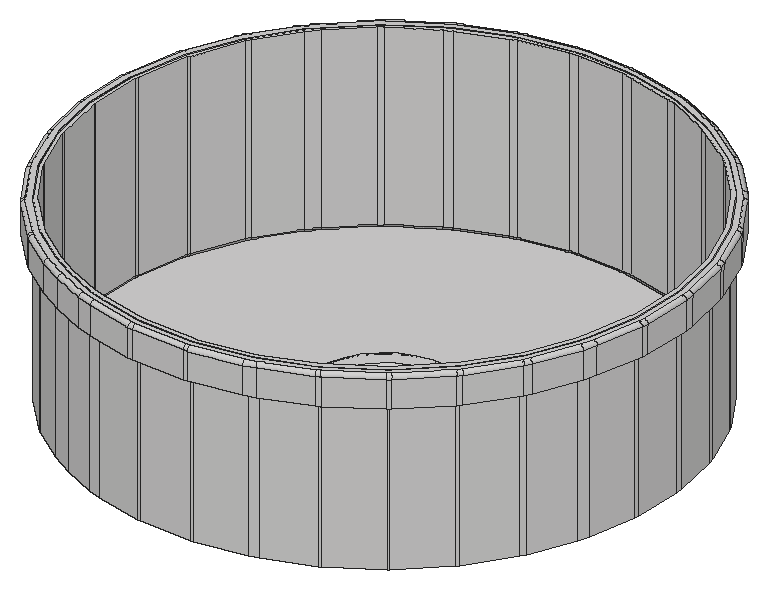
Revit family "Sink-Top_Mount-Kitchen-KOHLER-Brinx-K-3674_1", category Plumbing Fixtures, host Face, Revit 2021
Family settings
  Host = Face
  Round Connector Dimension = Use Diameter
  Part Type = Normal
  OmniClass Number = 23.31.13.00
  OmniClass Title = Sinks
  Cut with Voids When Loaded = No
  Shared = No
  Room Calculation Point = No
Parameters (values of type "NA-Stainless")
  Width = 18.66142"  # constant formula
  WaterSense Certified = 1 = 0  # no
  Waste Water Outlet = "Waste Water Outlet"  # constant formula
  Waste Connection = 1 = 1  # yes
  Vent Connection = 1 = 0  # no
  URL = "https://www.us.kohler.com/us/"
  Type = 1
  Product Page URL = "http://www.us.kohler.com/us/catalog/productDetails.jsp?productNumber=3674"
  Product Name = "Brinx"  # constant formula
  Product Documentation Link = "https://www.us.kohler.com/webassets/kpna/catalog/pdf/en/K-3674_spec_US-CA_Kohler_en.pdf"
  Model = "K-3674-NA"  # constant formula
  Material = "Stainless Steel"  # constant formula
  Master Format 2014 Name = "Residential Lavatories and Sinks"  # constant formula
  Master Format 2014 = "22 41 16"  # constant formula
  Manufacturer Address = "444 Highland Dr, Kohler, WI 53044"  # constant formula
  Manufacturer = "Kohler Co."  # constant formula
  Length = 18.66142"  # constant formula
  Hot Water Inlet = "Hot Water Inlet"  # constant formula
  Height = 8 121/128"  # constant formula
  HW Connection = 1 = 0  # no
  Finish = Kohler-Metal-NA-Stainless
  Environmental Product Declaration = ""
  Drain Included = 1 = 0  # no
  Description = "18-3/4 Inch top-mount single-bowl bar sink"  # constant formula
  Default Elevation = 36"
  Declare Label = ""
  Date Modified = "04/27/2023"  # constant formula
  Date Created = "04/27/2023"  # constant formula
  Copyright = "Copyright Kohler Co."  # constant formula
  Contact Us = "https://www.us.kohler.com/us/static/contact.jsp"
  Cold Water Inlet = "Cold Water Inlet"  # constant formula
  CW Connection = 1 = 0  # no
  Assembly Code = "D2010400"
  ADA Compliant = 1 = 1  # yes
Reference planes (in)
  plane 1 "Center (Front/Back)": y = 0
  plane 2: z = 0
  plane 3 "Center (Left/Right)": x = 0
  plane 4: x = -9.33071
  plane 5: x = 8.83071
  plane 6: x = 9.33071
  plane 7: x = -8.83071
  plane 8: y = -9.33071
  plane 9: y = 9.33071
  plane 10: z = 1
  plane 11: z = -7.94531
  plane 12: z = -5.14321
  plane 13: y = 8.83071
  plane 14: y = -8.83071
Forms (in)
  Extrusion 1, void
    sketch origin (0, 0, 0) x (1, 0, 0) y (0, 1, 0)
      loop
        circle (0, 0) r 9.05512
    from 0 to -7.94481
Dimensions and locks (in)
  "Length": plane 4 to plane 6
  "Width": plane 8 to plane 9
  "Height": plane 11 to plane 10
  plane 4 to plane 7 = 1/2"
  locked: plane 12 to plane 10 at 6.14321
  level to plane 10 = 1"
  plane 1 "Center (Front/Back)" to plane 9 = 9.33071"
  plane 4 to plane 3 "Center (Left/Right)" = 9.33071"
  aligned and locked: plane 2 to host face
  aligned and locked: level to host face
  aligned and locked: plane 3 "Center (Left/Right)" to nested 1
  aligned and locked: plane 1 "Center (Front/Back)" to nested 1
Automatic sketch dimensions
  host sketch curve to host sketch curve = 96"  (x2)
  plane 1 "Center (Front/Back)" to Extrusion 1 sketch curve = 0"
  Extrusion 1 sketch curve to plane 3 "Center (Left/Right)" = 0"
  radius of Extrusion 1 sketch curve = 9.05512"
Nested families (in)
  nested 1: "K-3674" at (0, 0, -5.33071), type "K-3674"
Connectors (in)
  piping at (0, 0, -7.75436), diameter 1.5, driven by "Waste Connection", driven by "Waste Water Outlet"
    settings: on nested 1, index 1, connector inside diameter 24", connector length 0", flow factor 0, pipe flow 0 GPM, pressure drop 0.00 psi, fitting loss kfactor 0, connector angle 0.00°, fixture units 0, engagement length 0", angle of deflection 0.00°, flow configuration 0, flow direction 2, fitting loss method 0, system type 16, joint type 0, gender type 0, connector reference index -1, connector utility 1, adjustable connector no, is connector primary yes, connector description "Waste Water Outlet"
Definition of nested family "K-3674"
  Parameters
    Material = none
    Default Elevation = 0"
  Reference planes (in)
    plane 1 "Center (Front/Back)": y = 0
    plane 2: z = 0
    plane 3 "Center (Left/Right)": x = 0
    plane 4: x = -9.33071
    plane 5: x = 9.33071
    plane 6: y = 9.33071
    plane 7: y = -9.33071
    plane 8: z = 6.33071
    plane 9: z = 5.33071
    plane 10: x = -8.83071
    plane 11: x = 8.83071
    plane 12: y = 8.83071
    plane 13: y = -8.83071
    plane 14: z = -2.6141
  Forms (in)
    Sweep 1, solid, material <- "Material", detail levels medium+fine
      path origin (0, 0, 0) x (1, 0, 0) y (0, 1, 0)
        loop
          line (0.89157, -8.88899) -> (2.45643, -8.57726)
          arc (2.45643, -8.57726) -> (2.59425, -8.5427) -> (2.72801, -8.49481) r 1.44874
          line (2.72801, -8.49481) -> (4.19458, -7.88707)
          arc (4.19458, -7.88707) -> (4.21136, -7.87913) -> (4.22729, -7.86959) r 0.1897
          line (4.22729, -7.86959) -> (5.65075, -6.91927)
          arc (5.65075, -6.91927) -> (5.66654, -6.90756) -> (5.6811, -6.89437) r 0.19989
          line (5.6811, -6.89437) -> (6.88244, -5.69303)
          arc (6.88244, -5.69303) -> (6.90565, -5.66742) -> (6.92624, -5.63965) r 0.35205
          line (6.92624, -5.63965) -> (7.83764, -4.27528)
          arc (7.83764, -4.27528) -> (7.87698, -4.20963) -> (7.9097, -4.14045) r 0.78102
          line (7.9097, -4.14045) -> (8.4836, -2.75561)
          arc (8.4836, -2.75561) -> (8.5417, -2.59331) -> (8.5836, -2.4261) r 1.75607
          line (8.5836, -2.4261) -> (8.88058, -0.93397)
          arc (8.88058, -0.93397) -> (8.88923, -0.87568) -> (8.89213, -0.81682) r 0.60016
          line (8.89213, -0.81682) -> (8.89213, 0.76761)
          arc (8.89213, 0.76761) -> (8.88683, 0.87544) -> (8.87098, 0.98224) r 1.09951
          line (8.87098, 0.98224) -> (8.56472, 2.521)
          arc (8.56472, 2.521) -> (8.54625, 2.59469) -> (8.52064, 2.66622) r 0.7739
          line (8.52064, 2.66622) -> (7.9097, 4.14045)
          arc (7.9097, 4.14045) -> (7.87698, 4.20963) -> (7.83764, 4.27528) r 0.78102
          line (7.83764, 4.27528) -> (6.99318, 5.53944)
          arc (6.99318, 5.53944) -> (6.90107, 5.66366) -> (6.79723, 5.77825) r 1.5748
          line (6.79723, 5.77825) -> (5.75928, 6.81619)
          arc (5.75928, 6.81619) -> (5.66309, 6.90336) -> (5.5588, 6.98065) r 1.32013
          line (5.5588, 6.98065) -> (4.33415, 7.79825)
          arc (4.33415, 7.79825) -> (4.2084, 7.87358) -> (4.07588, 7.93625) r 1.49793
          line (4.07588, 7.93625) -> (2.73037, 8.49383)
          arc (2.73037, 8.49383) -> (2.59421, 8.54258) -> (2.45393, 8.57776) r 1.47463
          line (2.45393, 8.57776) -> (1.03796, 8.85982)
          arc (1.03796, 8.85982) -> (0.87501, 8.88403) -> (0.71047, 8.89213) r 1.6763
          line (0.71047, 8.89213) -> (-0.72837, 8.89213)
          arc (-0.72837, 8.89213) -> (-0.8751, 8.88491) -> (-1.02041, 8.86332) r 1.49487
          line (-1.02041, 8.86332) -> (-2.48819, 8.57093)
          arc (-2.48819, 8.57093) -> (-2.59471, 8.54422) -> (-2.6981, 8.50721) r 1.11975
          line (-2.6981, 8.50721) -> (-4.08314, 7.93325)
          arc (-4.08314, 7.93325) -> (-4.20858, 7.87392) -> (-4.32761, 7.80261) r 1.41794
          line (-4.32761, 7.80261) -> (-5.58431, 6.96363)
          arc (-5.58431, 6.96363) -> (-5.66405, 6.90452) -> (-5.73759, 6.83788) r 1.00936
          line (-5.73759, 6.83788) -> (-6.74827, 5.8272)
          arc (-6.74827, 5.8272) -> (-6.89844, 5.6615) -> (-7.03164, 5.48187) r 2.27723
          line (-7.03164, 5.48187) -> (-7.83764, 4.27528)
          arc (-7.83764, 4.27528) -> (-7.87698, 4.20963) -> (-7.9097, 4.14045) r 0.78102
          line (-7.9097, 4.14045) -> (-8.53762, 2.62526)
          arc (-8.53762, 2.62526) -> (-8.54833, 2.59532) -> (-8.55606, 2.56448) r 0.3239
          line (-8.55606, 2.56448) -> (-8.88368, 0.91842)
          arc (-8.88368, 0.91842) -> (-8.89088, 0.86987) -> (-8.89329, 0.82084) r 0.49987
          line (-8.89329, 0.82084) -> (-8.89329, -0.8465)
          arc (-8.89329, -0.8465) -> (-8.89214, -0.86999) -> (-8.88869, -0.89325) r 0.23952
          line (-8.88869, -0.89325) -> (-8.56609, -2.51408)
          arc (-8.56609, -2.51408) -> (-8.54592, -2.59459) -> (-8.51794, -2.67273) r 0.84551
          line (-8.51794, -2.67273) -> (-7.9097, -4.14045)
          arc (-7.9097, -4.14045) -> (-7.87698, -4.20963) -> (-7.83764, -4.27528) r 0.78102
          line (-7.83764, -4.27528) -> (-6.91836, -5.65145)
          arc (-6.91836, -5.65145) -> (-6.90619, -5.66786) -> (-6.89247, -5.683) r 0.20808
          line (-6.89247, -5.683) -> (-5.68138, -6.89409)
          arc (-5.68138, -6.89409) -> (-5.66653, -6.90755) -> (-5.65043, -6.91948) r 0.20381
          line (-5.65043, -6.91948) -> (-4.54946, -7.6545)
          arc (-4.54946, -7.6545) -> (-4.20242, -7.86239) -> (-3.83672, -8.03536) r 4.13386
          line (-3.83672, -8.03536) -> (-2.79871, -8.46551)
          arc (-2.79871, -8.46551) -> (-2.59315, -8.53911) -> (-2.38138, -8.59221) r 2.22619
          line (-2.38138, -8.59221) -> (-0.90993, -8.88533)
          arc (-0.90993, -8.88533) -> (-0.86938, -8.89135) -> (-0.82843, -8.89337) r 0.41717
          line (-0.82843, -8.89337) -> (0.84715, -8.89337)
          arc (0.84715, -8.89337) -> (0.86947, -8.89227) -> (0.89157, -8.88899) r 0.22735
      profile origin (1.674, -8.73312, 0) x (-0.195367, 0.98073, 0) y (0, 0, 1)
        loop
          line (0, 0.48782) -> (0, 6.33071) -> (-0.13601, 6.33071) -> (-0.13601, 0.42354) -> (-0.06429, 0.42354)
          arc (-0.06429, 0.42354) -> (-0.01883, 0.44237) -> (0, 0.48782) r 0.06429
    Blend 2, solid, material <- "Material", detail levels medium+fine
      base sketch origin (0.01618, -0.13533, 0) x (1, 0, 0) y (0, 1, 0)
        loop
          circle (-0.01618, 0.13533) r 8.99826
      top sketch origin (0.01618, -0.13533, 0) x (1, 0, 0) y (0, 1, 0)
        loop
          circle (0, 0.09843) r 2.3622
      from 0.42354 to 0.18935
    Extrusion 3, void
      sketch origin (0, 0, 0) x (1, 0, 0) y (0, 1, 0)
        loop
          circle (0, 0) r 2.27347
      from -5.47604 to 3.16529
    Sweep 4, solid, material <- "Material", detail levels coarse
      path origin (0, 0, 0) x (1, 0, 0) y (0, 1, 0)
        loop
          circle (0, 0) r 8.97087
      profile origin (0, 8.97087, 0) x (0, -1, 0) y (0, 0, 1)
        loop
          line (-0.04823, 6.32981) -> (-0.24355, 6.32981)
          arc (-0.24355, 6.32981) -> (-0.33283, 6.29283) -> (-0.36981, 6.20355) r 0.12626
          line (-0.36981, 6.20355) -> (-0.36981, 5.33071) -> (-0.24508, 5.33071) -> (-0.24508, 6.22412) -> (-0.04823, 6.22412) -> (-0.04823, 6.32981)
    Revolve 5, solid, material <- "Material", detail levels medium+fine
      sketch origin (0, 0, 0.23469) x (1, 0, 0) y (0, 0, 1)
        loop
          arc (-1.75442, 0.07676) -> (-1.70336, 0.04049) -> (-1.6838, -0.01901) r 0.10024
          line (-1.6838, -0.01901) -> (-1.6838, -0.13015) -> (-1.64738, -0.15565) -> (-1.68958, -0.18002) -> (-1.64855, -0.20276) -> (-1.68564, -0.22874) -> (-1.64738, -0.25173) -> (-1.6806, -0.27864) -> (-1.64247, -0.3034) -> (-1.68147, -0.32872) -> (-1.64442, -0.35371) -> (-1.68377, -0.37643) -> (-1.64549, -0.40225) -> (-1.6857, -0.42641) -> (-1.64011, -0.45308) -> (-1.68552, -0.47523) -> (-1.64758, -0.50082) -> (-1.68533, -0.52351) -> (-1.64897, -0.55091) -> (-1.68816, -0.57735) -> (-1.64875, -0.60102) -> (-1.68571, -0.62502) -> (-1.64717, -0.65005) -> (-1.68663, -0.67472) -> (-1.65028, -0.69924) -> (-1.68563, -0.72308) -> (-1.64731, -0.75093) -> (-1.68373, -0.77196) -> (-1.64426, -0.79858) -> (-1.68292, -0.8209) -> (-1.64721, -0.84781) -> (-1.68542, -0.87263) -> (-1.6485, -0.89752) -> (-1.68485, -0.92204) -> (-1.64879, -0.94729) -> (-1.68222, -0.97158) -> (-1.64793, -0.99649) -> (-1.68131, -1.02165) -> (-1.64811, -1.04666) -> (-1.6783, -1.0678) -> (-1.64728, -1.09573)
          arc (-1.64728, -1.09573) -> (-1.62551, -1.1825) -> (-1.5552, -1.23782) r 0.13838
          arc (-1.5552, -1.23782) -> (-1.36559, -1.30565) -> (-1.17681, -1.37575) r 16.76004
          arc (-1.17681, -1.37575) -> (-1.0162, -1.49259) -> (-0.93758, -1.67498) r 0.37582
          line (-0.93758, -1.67498) -> (-0.93758, -1.9981) -> (-0.87969, -2.02889) -> (-0.93539, -2.07039) -> (-0.87677, -2.11121) -> (-0.93636, -2.14903) -> (-0.90879, -2.16823) -> (-0.99571, -2.16823) -> (-0.97984, -2.45657) -> (-0.96108, -2.48335) -> (-0.95532, -2.54919)
          arc (-0.95532, -2.54919) -> (-0.91699, -2.62692) -> (-0.83621, -2.65834) r 0.11957
          line (-0.83621, -2.65834) -> (-0.74973, -2.65834) -> (-0.74973, -1.47291)
          arc (-0.74973, -1.47291) -> (-1.18775, -1.27153) -> (-1.60071, -1.0228) r 4.33793
          line (-1.60071, -1.0228) -> (-1.60071, -0.06355)
          arc (-1.60071, -0.06355) -> (-1.66744, 0.10238) -> (-1.83048, 0.17591) r 0.23967
          line (-1.83048, 0.17591) -> (-2.30304, 0.19545)
          arc (-2.30304, 0.19545) -> (-2.02615, 0.14802) -> (-1.75442, 0.07676) r 3.23473
        axis (0, -2.65834) -> (0, 0.19545)
      angle from 0 to 360
    Revolve 6, solid, material <- "Material", detail levels medium+fine
      sketch origin (0, 0, 0) x (0, 1, 0) y (0, 0, 1)
        loop
          line (1.65936, -0.15565) -> (2.24991, -0.15565) -> (2.24991, -0.03065) -> (1.65936, -0.03065) -> (1.65936, -0.15565)
        axis (0, -0.15565) -> (0, -0.03065)
      angle from 0 to 360
    Revolve 7, solid, material <- "Material", detail levels medium+fine
      sketch origin (0, 0, 0) x (0, 1, 0) y (0, 0, 1)
        loop
          line (2.24991, -0.51565) -> (2.24991, -0.39565) -> (1.65936, -0.39565) -> (1.65936, -0.51565) -> (2.24991, -0.51565)
        axis (-0.00009, -0.51565) -> (-0.00009, -0.39565)
      angle from 0 to 360
    Revolve 8, solid, material <- "Material", detail levels medium+fine
      sketch origin (0, 0, 0) x (0, 1, 0) y (0, 0, 1)
        loop
          line (2.28215, -0.95488) -> (2.24051, -0.71875)
          arc (2.24051, -0.71875) -> (2.21396, -0.67277) -> (2.16407, -0.6546) r 0.07763
          line (2.16407, -0.6546) -> (1.60866, -0.6546) -> (1.60866, -0.95488) -> (2.28215, -0.95488)
        axis (0, -0.95488) -> (0, -0.6546)
      angle from 0 to 360
    Revolve 9, solid, material <- "Material", detail levels medium+fine
      sketch origin (0, -1.69211, 0.00075) x (1, 0, 0) y (0, 0, 1)
        loop
          line (-0.97741, -0.58053) -> (-1.07192, -0.58053) -> (-1.1001, -0.6087) -> (-1.1001, -1.33076) -> (-1.21909, -1.33076) -> (-1.21909, -1.41208)
          arc (-1.21909, -1.41208) -> (-1.19358, -1.47365) -> (-1.13202, -1.49915) r 0.08707
          line (-1.13202, -1.49915) -> (-0.97741, -1.49915) -> (-0.97741, -0.58053)
        axis (-0.97741, -1.49915) -> (-0.97741, -0.58053)
      angle from 0 to 360
    Revolve 10, solid, material <- "Material", detail levels medium+fine
      sketch origin (2.93238, 0, 0.00075) x (1, 0, 0) y (0, 0, 1)
        loop
          line (-0.97741, -0.58053) -> (-1.07192, -0.58053) -> (-1.1001, -0.6087) -> (-1.1001, -1.33076) -> (-1.21909, -1.33076) -> (-1.21909, -1.41208)
          arc (-1.21909, -1.41208) -> (-1.19358, -1.47365) -> (-1.13202, -1.49915) r 0.08707
          line (-1.13202, -1.49915) -> (-0.97741, -1.49915) -> (-0.97741, -0.58053)
        axis (-0.97741, -1.49915) -> (-0.97741, -0.58053)
      angle from 0 to 360
    Revolve 11, solid, material <- "Material", detail levels medium+fine
      sketch origin (-0.00639, 1.69592, 0.00051) x (1, 0, 0) y (0, 0, 1)
        loop
          line (-0.97741, -0.58053) -> (-1.07192, -0.58053) -> (-1.1001, -0.6087) -> (-1.1001, -1.33076) -> (-1.21909, -1.33076) -> (-1.21909, -1.41208)
          arc (-1.21909, -1.41208) -> (-1.19358, -1.47365) -> (-1.13202, -1.49915) r 0.08707
          line (-1.13202, -1.49915) -> (-0.97741, -1.49915) -> (-0.97741, -0.58053)
        axis (-0.97741, -1.49915) -> (-0.97741, -0.58053)
      angle from 0 to 360
    Revolve 12, solid, detail levels medium+fine
      sketch origin (0, 0, 0) x (1, 0, 0) y (0, 0, 1)
        loop
          arc (-1.39386, -0.59489) -> (-1.46213, -0.56765) -> (-1.4929, -0.5009) r 0.09918
          line (-1.4929, -0.5009) -> (-1.52511, 0.11358)
          arc (-1.52511, 0.11358) -> (-1.57282, 0.21708) -> (-1.67868, 0.25932) r 0.15378
          line (-1.67868, 0.25932) -> (-1.71007, 0.25932) -> (-1.71007, 0.22011) -> (-1.67782, 0.22011)
          arc (-1.67782, 0.22011) -> (-1.59211, 0.18591) -> (-1.55348, 0.10211) r 0.12452
          line (-1.55348, 0.10211) -> (-1.52153, -0.50759)
          arc (-1.52153, -0.50759) -> (-1.48312, -0.5909) -> (-1.39791, -0.62489) r 0.12378
          line (-1.39791, -0.62489) -> (-0.23597, -0.62489) -> (-0.24997, -0.66798) -> (-0.14933, -0.66798) -> (-0.14933, -0.81289) -> (-0.86127, -0.81289)
          arc (-0.86127, -0.81289) -> (-0.88335, -0.82204) -> (-0.8925, -0.84412) r 0.03123
          line (-0.8925, -0.84412) -> (-0.8925, -0.91289) -> (-0.824, -0.91289) -> (-0.824, -0.99589) -> (-0.859, -0.99589) -> (-0.82186, -1.06289) -> (0, -1.06289) -> (0, 0.39659)
          arc (0, 0.39659) -> (-0.14167, 0.38371) -> (-0.27895, 0.34643) r 0.81606
          arc (-0.27895, 0.34643) -> (-0.31078, 0.29098) -> (-0.26177, 0.24992) r 0.04979
          line (-0.26177, 0.24992) -> (-0.14539, 0.24992) -> (-0.14539, 0.05538) -> (-0.17992, 0.05538)
          arc (-0.17992, 0.05538) -> (-0.19416, 0.04948) -> (-0.20006, 0.03523) r 0.02014
          line (-0.20006, 0.03523) -> (-0.20006, -0.00858)
          arc (-0.20006, -0.00858) -> (-0.19586, -0.02325) -> (-0.18452, -0.03346) r 0.02768
          line (-0.18452, -0.03346) -> (-0.15134, -0.04964) -> (-0.1825, -0.06417)
          arc (-0.1825, -0.06417) -> (-0.19532, -0.07733) -> (-0.2, -0.0951) r 0.03608
          line (-0.2, -0.0951) -> (-0.2, -0.12702)
          arc (-0.2, -0.12702) -> (-0.19103, -0.14986) -> (-0.16891, -0.16047) r 0.03354
          line (-0.16891, -0.16047) -> (-0.16891, -0.19903)
          arc (-0.16891, -0.19903) -> (-0.16343, -0.21362) -> (-0.14969, -0.22099) r 0.02215
          line (-0.14969, -0.22099) -> (-0.14969, -0.40572) -> (-0.24251, -0.40572)
          arc (-0.24251, -0.40572) -> (-0.26956, -0.41692) -> (-0.28077, -0.44397) r 0.03825
          line (-0.28077, -0.44397) -> (-0.28077, -0.59489) -> (-1.39386, -0.59489)
        axis (0, -1.06289) -> (0, 0.39659)
      angle from 0 to 360
    Extrusion 13, void
      sketch origin (0, 0, 0) x (1, 0, 0) y (0, 1, 0)
        loop
          circle (0, 1.28105) r 0.09753
        loop
          circle (0.28817, 1.24822) r 0.09753
        loop
          circle (0.55717, 1.15612) r 0.09753
        loop
          circle (0.8005, 0.99098) r 0.09753
        loop
          circle (1.01573, 0.79269) r 0.09753
        loop
          circle (1.15702, 0.56689) r 0.09753
        loop
          circle (1.2569, 0.28331) r 0.09753
        loop
          circle (1.28839, -0.01029) r 0.09753
        loop
          circle (1.2569, -0.28331) r 0.09753
        loop
          circle (1.15702, -0.56689) r 0.09753
        loop
          circle (1.01573, -0.79269) r 0.09753
        loop
          circle (0.8005, -0.99098) r 0.09753
        loop
          circle (0.55717, -1.15612) r 0.09753
        loop
          circle (0.28817, -1.24822) r 0.09753
        loop
          circle (0, -1.28105) r 0.09753
        loop
          circle (0, -0.95877) r 0.09905
        loop
          circle (0.29628, -0.91185) r 0.09905
        loop
          circle (0.56355, -0.77566) r 0.09905
        loop
          circle (0.76571, -0.577) r 0.09905
        loop
          circle (0.91185, -0.29628) r 0.09905
        loop
          circle (0.95877, -0.00333) r 0.09905
        loop
          circle (0.91185, 0.29628) r 0.09905
        loop
          circle (0.76571, 0.577) r 0.09905
        loop
          circle (0.56355, 0.77566) r 0.09905
        loop
          circle (0.29628, 0.91185) r 0.09905
        loop
          circle (0, 0.95877) r 0.09905
        loop
          circle (0, -0.62898) r 0.09107
        loop
          circle (0.31449, -0.54471) r 0.09107
        loop
          circle (0.54473, -0.31446) r 0.09107
        loop
          circle (0.62894, -0.00689) r 0.09107
        loop
          circle (0.54473, 0.31446) r 0.09107
        loop
          circle (0.31449, 0.54471) r 0.09107
        loop
          circle (0, 0.62898) r 0.09107
        loop
          circle (-0.28817, 1.24822) r 0.09753
        loop
          circle (-0.55717, 1.15612) r 0.09753
        loop
          circle (-0.8005, 0.99098) r 0.09753
        loop
          circle (-1.01573, 0.79269) r 0.09753
        loop
          circle (-1.15702, 0.56689) r 0.09753
        loop
          circle (-1.2569, 0.28331) r 0.09753
        loop
          circle (-1.28839, -0.01029) r 0.09753
        loop
          circle (-1.2569, -0.28331) r 0.09753
        loop
          circle (-1.15702, -0.56689) r 0.09753
        loop
          circle (-1.01573, -0.79269) r 0.09753
        loop
          circle (-0.8005, -0.99098) r 0.09753
        loop
          circle (-0.55717, -1.15612) r 0.09753
        loop
          circle (-0.28817, -1.24822) r 0.09753
        loop
          circle (-0.29628, -0.91185) r 0.09905
        loop
          circle (-0.56355, -0.77566) r 0.09905
        loop
          circle (-0.76571, -0.577) r 0.09905
        loop
          circle (-0.91185, -0.29628) r 0.09905
        loop
          circle (-0.95877, -0.00333) r 0.09905
        loop
          circle (-0.91185, 0.29628) r 0.09905
        loop
          circle (-0.76571, 0.577) r 0.09905
        loop
          circle (-0.56355, 0.77566) r 0.09905
        loop
          circle (-0.29628, 0.91185) r 0.09905
        loop
          circle (-0.31449, -0.54471) r 0.09107
        loop
          circle (-0.54473, -0.31446) r 0.09107
        loop
          circle (-0.62894, -0.00689) r 0.09107
        loop
          circle (-0.54473, 0.31446) r 0.09107
        loop
          circle (-0.31449, 0.54471) r 0.09107
      from -0.73876 to 0.43014
    Extrusion 14, solid, material <- "Material", detail levels medium+fine
      sketch origin (0, 0, 0) x (1, 0, 0) y (0, 1, 0)
        loop
          circle (0, 0) r 0.07874
      from -2.38054 to -2.42365
    Sweep 15, solid, material <- "Material", detail levels medium+fine
      path origin (0, 0, 0) x (1, 0, 0) y (0, 1, 0)
        loop
          line (5.73678, -6.95004) -> (6.93812, -5.74871)
          arc (6.93812, -5.74871) -> (6.96652, -5.71736) -> (6.99172, -5.68338) r 0.43079
          line (6.99172, -5.68338) -> (7.90311, -4.31902)
          arc (7.90311, -4.31902) -> (7.94642, -4.24675) -> (7.98245, -4.1706) r 0.85976
          line (7.98245, -4.1706) -> (8.55634, -2.78575)
          arc (8.55634, -2.78575) -> (8.61704, -2.61618) -> (8.66083, -2.44147) r 1.83481
          line (8.66083, -2.44147) -> (8.95781, -0.94934)
          arc (8.95781, -0.94934) -> (8.96759, -0.8834) -> (8.97087, -0.81682) r 0.6789
          line (8.97087, -0.81682) -> (8.97087, 0.76761)
          arc (8.97087, 0.76761) -> (8.96519, 0.88317) -> (8.9482, 0.99761) r 1.17825
          line (8.9482, 0.99761) -> (8.64194, 2.53637)
          arc (8.64194, 2.53637) -> (8.62159, 2.61756) -> (8.59339, 2.69636) r 0.85264
          line (8.59339, 2.69636) -> (7.98245, 4.1706)
          arc (7.98245, 4.1706) -> (7.94642, 4.24675) -> (7.90311, 4.31902) r 0.85976
          line (7.90311, 4.31902) -> (7.05866, 5.58318)
          arc (7.05866, 5.58318) -> (6.96194, 5.71361) -> (6.8529, 5.83392) r 1.65354
          line (6.8529, 5.83392) -> (5.81496, 6.87187)
          arc (5.81496, 6.87187) -> (5.71303, 6.96423) -> (5.60252, 7.04614) r 1.39887
          line (5.60252, 7.04614) -> (4.37787, 7.86373)
          arc (4.37787, 7.86373) -> (4.2455, 7.94302) -> (4.10603, 8.009) r 1.57667
          line (4.10603, 8.009) -> (2.76051, 8.56657)
          arc (2.76051, 8.56657) -> (2.61708, 8.61792) -> (2.46931, 8.65498) r 1.55337
          line (2.46931, 8.65498) -> (1.05335, 8.93705)
          arc (1.05335, 8.93705) -> (0.88274, 8.96239) -> (0.71047, 8.97087) r 1.75504
          line (0.71047, 8.97087) -> (-0.72837, 8.97087)
          arc (-0.72837, 8.97087) -> (-0.88283, 8.96327) -> (-1.0358, 8.94054) r 1.57361
          line (-1.0358, 8.94054) -> (-2.50357, 8.64815)
          arc (-2.50357, 8.64815) -> (-2.61758, 8.61957) -> (-2.72824, 8.57995) r 1.19849
          line (-2.72824, 8.57995) -> (-4.11328, 8.00599)
          arc (-4.11328, 8.00599) -> (-4.24569, 7.94336) -> (-4.37133, 7.8681) r 1.49668
          line (-4.37133, 7.8681) -> (-5.62803, 7.02911)
          arc (-5.62803, 7.02911) -> (-5.71399, 6.9654) -> (-5.79327, 6.89356) r 1.08811
          line (-5.79327, 6.89356) -> (-6.80395, 5.88288)
          arc (-6.80395, 5.88288) -> (-6.95931, 5.71145) -> (-7.09711, 5.52561) r 2.35597
          line (-7.09711, 5.52561) -> (-7.90311, 4.31902)
          arc (-7.90311, 4.31902) -> (-7.94642, 4.24675) -> (-7.98245, 4.1706) r 0.85976
          line (-7.98245, 4.1706) -> (-8.61036, 2.6554)
          arc (-8.61036, 2.6554) -> (-8.62368, 2.61819) -> (-8.63329, 2.57985) r 0.40264
          line (-8.63329, 2.57985) -> (-8.9609, 0.93379)
          arc (-8.9609, 0.93379) -> (-8.96924, 0.87759) -> (-8.97203, 0.82084) r 0.57861
          line (-8.97203, 0.82084) -> (-8.97203, -0.8465)
          arc (-8.97203, -0.8465) -> (-8.9705, -0.87771) -> (-8.96591, -0.90862) r 0.31826
          line (-8.96591, -0.90862) -> (-8.64332, -2.52945)
          arc (-8.64332, -2.52945) -> (-8.62126, -2.61746) -> (-8.59068, -2.70288) r 0.92425
          line (-8.59068, -2.70288) -> (-7.98245, -4.1706)
          arc (-7.98245, -4.1706) -> (-7.94642, -4.24675) -> (-7.90311, -4.31902) r 0.85976
          line (-7.90311, -4.31902) -> (-6.98384, -5.69518)
          arc (-6.98384, -5.69518) -> (-6.96706, -5.71781) -> (-6.94815, -5.73868) r 0.28682
          line (-6.94815, -5.73868) -> (-5.73706, -6.94977)
          arc (-5.73706, -6.94977) -> (-5.71647, -6.96843) -> (-5.69415, -6.98497) r 0.28255
          line (-5.69415, -6.98497) -> (-4.59318, -7.71999)
          arc (-4.59318, -7.71999) -> (-4.23953, -7.93184) -> (-3.86686, -8.10811) r 4.2126
          line (-3.86686, -8.10811) -> (-2.82885, -8.53826)
          arc (-2.82885, -8.53826) -> (-2.61603, -8.61445) -> (-2.39676, -8.66943) r 2.30493
          line (-2.39676, -8.66943) -> (-0.92532, -8.96255)
          arc (-0.92532, -8.96255) -> (-0.87711, -8.96971) -> (-0.82843, -8.97211) r 0.49591
          line (-0.82843, -8.97211) -> (0.84715, -8.97211)
          arc (0.84715, -8.97211) -> (0.8772, -8.97063) -> (0.90695, -8.96621) r 0.30609
          line (0.90695, -8.96621) -> (2.47181, -8.65448)
          arc (2.47181, -8.65448) -> (2.61712, -8.61804) -> (2.75816, -8.56755) r 1.52748
          line (2.75816, -8.56755) -> (4.22472, -7.95981)
          arc (4.22472, -7.95981) -> (4.24847, -7.94858) -> (4.27101, -7.93508) r 0.26844
          line (4.27101, -7.93508) -> (5.69447, -6.98476)
          arc (5.69447, -6.98476) -> (5.71648, -6.96844) -> (5.73678, -6.95004) r 0.27863
      profile origin (6.33745, -6.34938, 0) x (-0.707107, 0.707107, 0) y (0, 0, 1)
        loop
          line (-0.04823, 6.32981) -> (-0.24355, 6.32981)
          arc (-0.24355, 6.32981) -> (-0.33283, 6.29283) -> (-0.36981, 6.20355) r 0.12626
          line (-0.36981, 6.20355) -> (-0.36981, 5.33071) -> (-0.24508, 5.33071) -> (-0.24508, 6.22412) -> (-0.04823, 6.22412) -> (-0.04823, 6.32981)
    Revolve 16, solid, material <- "Material", detail levels coarse
      sketch origin (0, 0, 0) x (1, 0, 0) y (0, 0, 1)
        loop
          line (0, -2.6141) -> (0, 0.22197) -> (-2.28215, 0.22197) -> (-2.28215, -0.80617)
          arc (-2.28215, -0.80617) -> (-2.25675, -0.94529) -> (-2.18383, -1.06646) r 0.3937
          line (-2.18383, -1.06646) -> (-0.82008, -2.6141) -> (0, -2.6141)
        axis (0, -2.6141) -> (0, 0.22197)
      angle from 0 to 360
    Extrusion 17, solid, material <- "Material", detail levels coarse
      sketch origin (0, 0, 0) x (1, 0, 0) y (0, 1, 0)
        loop
          circle (0, 0) r 8.98071
      from 0.22197 to 0.35986
    Extrusion 18, solid, material <- "Material", detail levels coarse
      sketch origin (0, 0, 0) x (1, 0, 0) y (0, 1, 0)
        loop
          circle (0, 0) r 8.75197
        loop
          circle (0, 0) r 9.0191
      from 0.22197 to 6.32981
  Cuts and joins
    Extrusion 3 cuts Sweep 1
    Extrusion 3 cuts Blend 2
    Extrusion 13 cuts Revolve 5
    Extrusion 13 cuts Revolve 12
    Extrusion 3 cuts Sweep 4
    joined: Sweep 4, Extrusion 18
  Lines and regions (in)
    Masking region 1
      outline origin (0, 0, 0) x (0.965926, -0.258819, 0) y (0.258819, 0.965926, 0)
        loop
          arc (-4.90174, 7.98658) -> (-4.95345, 7.95783) -> (-5.00209, 7.92414) r 0.60126
          line (-5.00209, 7.92414) -> (-6.35718, 6.88322)
          arc (-6.35718, 6.88322) -> (-6.40856, 6.83959) -> (-6.45543, 6.79114) r 0.68828
          line (-6.45543, 6.79114) -> (-7.59413, 5.49239)
          arc (-7.59413, 5.49239) -> (-7.61959, 5.46029) -> (-7.6418, 5.42586) r 0.41803
          line (-7.6418, 5.42586) -> (-8.51646, 3.91132)
          arc (-8.51646, 3.91132) -> (-8.53776, 3.86986) -> (-8.5549, 3.8265) r 0.47468
          line (-8.5549, 3.8265) -> (-9.11378, 2.17986)
          arc (-9.11378, 2.17986) -> (-9.12833, 2.12889) -> (-9.13782, 2.07673) r 0.54019
          line (-9.13782, 2.07673) -> (-9.36413, 0.35731)
          arc (-9.36413, 0.35731) -> (-9.36835, 0.30587) -> (-9.3675, 0.25426) r 0.52575
          line (-9.3675, 0.25426) -> (-9.25382, -1.47701)
          arc (-9.25382, -1.47701) -> (-9.24791, -1.52829) -> (-9.237, -1.57875) r 0.52575
          line (-9.237, -1.57875) -> (-8.78779, -3.25381)
          arc (-8.78779, -3.25381) -> (-8.77157, -3.30427) -> (-8.75047, -3.3529) r 0.54019
          line (-8.75047, -3.3529) -> (-7.98107, -4.91232)
          arc (-7.98107, -4.91232) -> (-7.95841, -4.95307) -> (-7.93187, -4.9914) r 0.47468
          line (-7.93187, -4.9914) -> (-6.86667, -6.37855)
          arc (-6.86667, -6.37855) -> (-6.84015, -6.40978) -> (-6.8107, -6.43827) r 0.41803
          line (-6.8107, -6.43827) -> (-5.51195, -7.57697)
          arc (-5.51195, -7.57697) -> (-5.45915, -7.61887) -> (-5.40251, -7.65541) r 0.68828
          line (-5.40251, -7.65541) -> (-3.92294, -8.51019)
          arc (-3.92294, -8.51019) -> (-3.87031, -8.53724) -> (-3.81528, -8.55897) r 0.60126
          line (-3.81528, -8.55897) -> (-2.17992, -9.11363)
          arc (-2.17992, -9.11363) -> (-2.12632, -9.12892) -> (-2.07148, -9.13889) r 0.56802
          line (-2.07148, -9.13889) -> (-0.35812, -9.36402)
          arc (-0.35812, -9.36402) -> (-0.30577, -9.3683) -> (-0.25325, -9.36743) r 0.53557
          line (-0.25325, -9.36743) -> (1.47549, -9.25392)
          arc (1.47549, -9.25392) -> (1.52786, -9.24788) -> (1.5794, -9.23674) r 0.53699
          line (1.5794, -9.23674) -> (3.25341, -8.78782)
          arc (3.25341, -8.78782) -> (3.304, -8.77156) -> (3.35276, -8.75042) r 0.54216
          line (3.35276, -8.75042) -> (4.90174, -7.98658)
          arc (4.90174, -7.98658) -> (4.95345, -7.95783) -> (5.00209, -7.92414) r 0.60126
          line (5.00209, -7.92414) -> (6.35718, -6.88322)
          arc (6.35718, -6.88322) -> (6.40856, -6.83959) -> (6.45543, -6.79114) r 0.68828
          line (6.45543, -6.79114) -> (7.59413, -5.49239)
          arc (7.59413, -5.49239) -> (7.61959, -5.46029) -> (7.6418, -5.42586) r 0.41803
          line (7.6418, -5.42586) -> (8.51646, -3.91132)
          arc (8.51646, -3.91132) -> (8.53776, -3.86986) -> (8.5549, -3.8265) r 0.47468
          line (8.5549, -3.8265) -> (9.11378, -2.17986)
          arc (9.11378, -2.17986) -> (9.12833, -2.12889) -> (9.13782, -2.07673) r 0.54019
          line (9.13782, -2.07673) -> (9.36413, -0.35731)
          arc (9.36413, -0.35731) -> (9.36835, -0.30587) -> (9.3675, -0.25426) r 0.52575
          line (9.3675, -0.25426) -> (9.25382, 1.47701)
          arc (9.25382, 1.47701) -> (9.24791, 1.52829) -> (9.237, 1.57875) r 0.52575
          line (9.237, 1.57875) -> (8.78779, 3.25381)
          arc (8.78779, 3.25381) -> (8.77157, 3.30427) -> (8.75047, 3.3529) r 0.54019
          line (8.75047, 3.3529) -> (7.98107, 4.91232)
          arc (7.98107, 4.91232) -> (7.95841, 4.95307) -> (7.93187, 4.9914) r 0.47468
          line (7.93187, 4.9914) -> (6.86667, 6.37855)
          arc (6.86667, 6.37855) -> (6.84015, 6.40978) -> (6.8107, 6.43827) r 0.41803
          line (6.8107, 6.43827) -> (5.51195, 7.57697)
          arc (5.51195, 7.57697) -> (5.45915, 7.61887) -> (5.40251, 7.65541) r 0.68828
          line (5.40251, 7.65541) -> (3.92294, 8.51019)
          arc (3.92294, 8.51019) -> (3.87748, 8.53393) -> (3.83016, 8.55371) r 0.60126
          line (3.83016, 8.55371) -> (2.17979, 9.11368)
          arc (2.17979, 9.11368) -> (2.12865, 9.12828) -> (2.07633, 9.1378) r 0.54216
          line (2.07633, 9.1378) -> (0.35799, 9.36396)
          arc (0.35799, 9.36396) -> (0.30544, 9.36827) -> (0.25273, 9.3674) r 0.53699
          line (0.25273, 9.3674) -> (-1.47601, 9.25388)
          arc (-1.47601, 9.25388) -> (-1.52819, 9.24787) -> (-1.57953, 9.23678) r 0.53557
          line (-1.57953, 9.23678) -> (-3.24874, 8.78954)
          arc (-3.24874, 8.78954) -> (-3.30181, 8.77249) -> (-3.35295, 8.75032) r 0.56802
          line (-3.35295, 8.75032) -> (-4.90174, 7.98658)
    Masking region 2
      outline origin (0, 0, 0) x (1, 0, 0) y (0, 0, 1)
        loop
          arc (-9.26971, 6.33071) -> (-9.31284, 6.31284) -> (-9.33071, 6.26971) r 0.061
          line (-9.33071, 6.26971) -> (-9.33071, 5.33071) -> (-8.90609, 5.33071) -> (-8.90609, 0.5174)
          arc (-8.90609, 0.5174) -> (-8.8893, 0.4752) -> (-8.84809, 0.45608) r 0.06141
          arc (-8.84809, 0.45608) -> (-8.81227, 0.45432) -> (-8.77644, 0.45303) r 2.7384
          arc (-8.77644, 0.45303) -> (-8.46083, 0.44305) -> (-8.14527, 0.4317) r 72.55081
          arc (-8.14527, 0.4317) -> (-7.60616, 0.41188) -> (-7.06699, 0.39356) r 194.05876
          arc (-7.06699, 0.39356) -> (-6.49424, 0.37418) -> (-5.92155, 0.35338) r 230.66197
          arc (-5.92155, 0.35338) -> (-5.55973, 0.34032) -> (-5.19787, 0.32833) r 122.9242
          arc (-5.19787, 0.32833) -> (-4.88053, 0.31785) -> (-4.56322, 0.30649) r 116.0663
          arc (-4.56322, 0.30649) -> (-4.29826, 0.29689) -> (-4.03328, 0.28777) r 146.49596
          arc (-4.03328, 0.28777) -> (-3.8094, 0.28002) -> (-3.58554, 0.27177) r 100.84156
          arc (-3.58554, 0.27177) -> (-3.28965, 0.26108) -> (-2.99373, 0.25148) r 80.29444
          arc (-2.99373, 0.25148) -> (-2.62665, 0.23849) -> (-2.25972, 0.22197) r 38.24281
          line (-2.25972, 0.22197) -> (-1.83157, 0.00011) -> (-2.25, 0.00011) -> (-2.25, -0.12489) -> (-1.64333, -0.12489) -> (-1.68561, -0.14833) -> (-1.64872, -0.17416) -> (-1.68296, -0.19903) -> (-1.64808, -0.22345) -> (-1.67869, -0.24913) -> (-1.64135, -0.27246) -> (-1.67857, -0.29853) -> (-1.64502, -0.32291) -> (-1.68306, -0.34718) -> (-1.65471, -0.36489) -> (-2.25, -0.36489) -> (-2.25, -0.48489) -> (-1.70153, -0.48489) -> (-1.64887, -0.52176) -> (-1.68304, -0.54569) -> (-1.6492, -0.57027) -> (-1.6821, -0.59418) -> (-1.64883, -0.62489) -> (-2.17223, -0.62489)
          arc (-2.17223, -0.62489) -> (-2.22198, -0.64299) -> (-2.24845, -0.68884) r 0.0774
          line (-2.24845, -0.68884) -> (-2.29005, -0.92475) -> (-1.65567, -0.92475) -> (-1.68094, -0.94379) -> (-1.64574, -0.96411) -> (-1.68104, -0.99071) -> (-1.64805, -1.01557) -> (-1.67769, -1.03791) -> (-1.64994, -1.06565)
          arc (-1.64994, -1.06565) -> (-1.62248, -1.14393) -> (-1.55555, -1.19294) r 0.14004
          arc (-1.55555, -1.19294) -> (-1.38659, -1.25297) -> (-1.21888, -1.31638) r 8.90855
          line (-1.21888, -1.31638) -> (-1.21888, -1.38153)
          arc (-1.21888, -1.38153) -> (-1.1936, -1.44256) -> (-1.13256, -1.46784) r 0.08632
          line (-1.13256, -1.46784) -> (-1.00508, -1.46784)
          arc (-1.00508, -1.46784) -> (-0.95546, -1.57387) -> (-0.92928, -1.68797) r 0.55256
          line (-0.92928, -1.68797) -> (-0.93565, -1.95414) -> (-0.88096, -1.98966) -> (-0.93569, -2.0309) -> (-0.8767, -2.06776) -> (-0.93552, -2.10743) -> (-0.90876, -2.1248) -> (-0.98811, -2.1248) -> (-0.99265, -2.18288) -> (-0.97916, -2.44014) -> (-0.94691, -2.44014) -> (-0.94142, -2.50291)
          arc (-0.94142, -2.50291) -> (-0.90237, -2.5821) -> (-0.82008, -2.6141) r 0.1218
          line (-0.82008, -2.6141) -> (0.82008, -2.6141)
          arc (0.82008, -2.6141) -> (0.90237, -2.5821) -> (0.94142, -2.50291) r 0.1218
          line (0.94142, -2.50291) -> (0.94691, -2.44014) -> (0.97916, -2.44014) -> (0.99265, -2.18288) -> (0.98811, -2.1248) -> (0.90876, -2.1248) -> (0.93552, -2.10743) -> (0.8767, -2.06776) -> (0.93569, -2.0309) -> (0.88096, -1.98966) -> (0.93565, -1.95414) -> (0.92928, -1.68797)
          arc (0.92928, -1.68797) -> (0.95546, -1.57387) -> (1.00508, -1.46784) r 0.55256
          arc (1.00508, -1.46784) -> (1.10266, -1.37897) -> (1.21888, -1.31638) r 0.54061
          arc (1.21888, -1.31638) -> (1.38659, -1.25297) -> (1.55555, -1.19294) r 8.90855
          arc (1.55555, -1.19294) -> (1.62248, -1.14393) -> (1.64994, -1.06565) r 0.14004
          line (1.64994, -1.06565) -> (1.67769, -1.03791) -> (1.64805, -1.01557) -> (1.68104, -0.99071) -> (1.64574, -0.96411) -> (1.68094, -0.94379) -> (1.65567, -0.92475) -> (1.83225, -0.92475) -> (1.83225, -1.29999) -> (1.71367, -1.29999) -> (1.71367, -1.38199)
          arc (1.71367, -1.38199) -> (1.73906, -1.44328) -> (1.80035, -1.46867) r 0.08668
          line (1.80035, -1.46867) -> (2.11159, -1.46867)
          arc (2.11159, -1.46867) -> (2.17288, -1.44328) -> (2.19827, -1.38199) r 0.08668
          line (2.19827, -1.38199) -> (2.19827, -1.29999) -> (2.07748, -1.29999) -> (2.07748, -0.92475) -> (2.29005, -0.92475) -> (2.24888, -0.69128)
          arc (2.24888, -0.69128) -> (2.2214, -0.64368) -> (2.16975, -0.62489) r 0.08035
          line (2.16975, -0.62489) -> (2.0772, -0.62489) -> (2.0772, -0.57745) -> (2.04934, -0.54958) -> (1.86056, -0.54958) -> (1.83246, -0.57768) -> (1.83246, -0.62489) -> (1.64883, -0.62489) -> (1.6821, -0.59418) -> (1.6492, -0.57027) -> (1.68304, -0.54569) -> (1.64887, -0.52176) -> (1.70153, -0.48489) -> (2.25, -0.48489) -> (2.25, -0.36489) -> (1.65471, -0.36489) -> (1.68306, -0.34718) -> (1.64502, -0.32291) -> (1.67857, -0.29853) -> (1.64135, -0.27246) -> (1.67869, -0.24913) -> (1.64808, -0.22345) -> (1.68296, -0.19903) -> (1.64872, -0.17416) -> (1.68561, -0.14833) -> (1.64333, -0.12489) -> (2.25, -0.12489) -> (2.25, 0.00011) -> (1.83157, 0.00011) -> (2.25972, 0.22197)
          arc (2.25972, 0.22197) -> (2.62665, 0.23849) -> (2.99373, 0.25148) r 38.24281
          arc (2.99373, 0.25148) -> (3.28965, 0.26108) -> (3.58554, 0.27177) r 80.29444
          arc (3.58554, 0.27177) -> (3.8094, 0.28002) -> (4.03328, 0.28777) r 100.84156
          arc (4.03328, 0.28777) -> (4.29826, 0.29689) -> (4.56322, 0.30649) r 146.49596
          arc (4.56322, 0.30649) -> (4.88053, 0.31785) -> (5.19787, 0.32833) r 116.0663
          arc (5.19787, 0.32833) -> (5.55973, 0.34032) -> (5.92155, 0.35338) r 122.9242
          arc (5.92155, 0.35338) -> (6.49424, 0.37418) -> (7.06699, 0.39356) r 230.66197
          arc (7.06699, 0.39356) -> (7.60616, 0.41188) -> (8.14527, 0.4317) r 194.05876
          arc (8.14527, 0.4317) -> (8.46083, 0.44305) -> (8.77644, 0.45303) r 72.55081
          arc (8.77644, 0.45303) -> (8.81227, 0.45432) -> (8.84809, 0.45608) r 2.7384
          arc (8.84809, 0.45608) -> (8.8893, 0.4752) -> (8.90609, 0.5174) r 0.06141
          line (8.90609, 0.5174) -> (8.90609, 5.33071) -> (9.33071, 5.33071) -> (9.33071, 6.26622)
          arc (9.33071, 6.26622) -> (9.31182, 6.31182) -> (9.26622, 6.33071) r 0.06449
          line (9.26622, 6.33071) -> (-9.26971, 6.33071)
    Masking region 3
      outline origin (0, 0, 0) x (0, 1, 0) y (0, 0, 1)
        loop
          line (9.26758, 6.33071) -> (-9.26525, 6.33071)
          arc (-9.26525, 6.33071) -> (-9.31154, 6.31154) -> (-9.33071, 6.26525) r 0.06546
          line (-9.33071, 6.26525) -> (-9.33071, 5.33071) -> (-8.90581, 5.33071) -> (-8.90581, 0.51345)
          arc (-8.90581, 0.51345) -> (-8.88977, 0.47366) -> (-8.85062, 0.45611) r 0.05738
          arc (-8.85062, 0.45611) -> (-8.60126, 0.4469) -> (-8.35188, 0.43828) r 102.86504
          arc (-8.35188, 0.43828) -> (-8.03203, 0.42735) -> (-7.71221, 0.41585) r 182.8994
          arc (-7.71221, 0.41585) -> (-6.76273, 0.38189) -> (-5.81319, 0.3499) r 455.38147
          arc (-5.81319, 0.3499) -> (-5.26348, 0.33118) -> (-4.71383, 0.31089) r 193.41409
          arc (-4.71383, 0.31089) -> (-4.11895, 0.2892) -> (-3.524, 0.26974) r 159.0319
          arc (-3.524, 0.26974) -> (-2.89749, 0.24835) -> (-2.27113, 0.22282) r 94.95265
          arc (-2.27113, 0.22282) -> (-2.05436, 0.10356) -> (-1.82961, 0.00011) r 3.45642
          line (-1.82961, 0.00011) -> (-2.25009, 0.00011) -> (-2.25009, -0.12489) -> (-1.65342, -0.12489) -> (-1.68309, -0.13749) -> (-1.64462, -0.16125) -> (-1.68295, -0.18595) -> (-1.64651, -0.21047) -> (-1.68324, -0.23579) -> (-1.64815, -0.26083) -> (-1.68317, -0.28609) -> (-1.64966, -0.31005) -> (-1.68218, -0.33203) -> (-1.64686, -0.35729) -> (-1.67981, -0.36489) -> (-2.25009, -0.36489) -> (-2.25009, -0.48489) -> (-1.68295, -0.48489) -> (-1.64425, -0.50723) -> (-1.68273, -0.53222) -> (-1.65482, -0.54967) -> (-1.7877, -0.54967) -> (-1.81574, -0.5777) -> (-1.81574, -0.62448) -> (-2.16803, -0.62448)
          arc (-2.16803, -0.62448) -> (-2.21718, -0.64248) -> (-2.24308, -0.68796) r 0.07611
          line (-2.24308, -0.68796) -> (-2.28293, -0.92484) -> (-1.81562, -0.92484) -> (-1.81562, -1.29972) -> (-1.9334, -1.29972) -> (-1.9334, -1.38461)
          arc (-1.9334, -1.38461) -> (-1.9089, -1.44376) -> (-1.84975, -1.46826) r 0.08365
          line (-1.84975, -1.46826) -> (-1.53582, -1.46826)
          arc (-1.53582, -1.46826) -> (-1.47667, -1.44376) -> (-1.45217, -1.38461) r 0.08365
          line (-1.45217, -1.38461) -> (-1.45217, -1.29972) -> (-1.56995, -1.29972) -> (-1.56995, -1.1897)
          arc (-1.56995, -1.1897) -> (-1.38446, -1.25844) -> (-1.19823, -1.32518) r 18.402
          arc (-1.19823, -1.32518) -> (-1.00773, -1.46903) -> (-0.93536, -1.69651) r 0.3937
          line (-0.93536, -1.69651) -> (-0.93536, -1.93814) -> (-0.88462, -1.97074) -> (-0.93573, -2.00925) -> (-0.88195, -2.04978) -> (-0.93551, -2.0887) -> (-0.87893, -2.12478) -> (-0.98517, -2.12478) -> (-0.98517, -2.18322) -> (-0.9514, -2.51536)
          arc (-0.9514, -2.51536) -> (-0.91526, -2.58672) -> (-0.84061, -2.61545) r 0.11136
          line (-0.84061, -2.61545) -> (-0.74991, -2.61545) -> (0.74991, -2.61545) -> (0.84061, -2.61545)
          arc (0.84061, -2.61545) -> (0.91526, -2.58672) -> (0.9514, -2.51536) r 0.11136
          line (0.9514, -2.51536) -> (0.98517, -2.18322) -> (0.98517, -2.12478) -> (0.87893, -2.12478) -> (0.93551, -2.0887) -> (0.88195, -2.04978) -> (0.93573, -2.00925) -> (0.88462, -1.97074) -> (0.93536, -1.93814) -> (0.93536, -1.69651)
          arc (0.93536, -1.69651) -> (1.00773, -1.46903) -> (1.19823, -1.32518) r 0.3937
          arc (1.19823, -1.32518) -> (1.38446, -1.25844) -> (1.56995, -1.1897) r 18.402
          line (1.56995, -1.1897) -> (1.56995, -1.29972) -> (1.45217, -1.29972) -> (1.45217, -1.38461)
          arc (1.45217, -1.38461) -> (1.47667, -1.44376) -> (1.53582, -1.46826) r 0.08365
          line (1.53582, -1.46826) -> (1.84975, -1.46826)
          arc (1.84975, -1.46826) -> (1.9089, -1.44376) -> (1.9334, -1.38461) r 0.08365
          line (1.9334, -1.38461) -> (1.9334, -1.29972) -> (1.81562, -1.29972) -> (1.81562, -0.92484) -> (2.28293, -0.92484) -> (2.24308, -0.68796)
          arc (2.24308, -0.68796) -> (2.21718, -0.64248) -> (2.16803, -0.62448) r 0.07611
          line (2.16803, -0.62448) -> (1.81574, -0.62448) -> (1.81574, -0.5777) -> (1.7877, -0.54967) -> (1.65482, -0.54967) -> (1.68273, -0.53222) -> (1.64425, -0.50723) -> (1.68295, -0.48489) -> (2.25009, -0.48489) -> (2.25009, -0.36489) -> (1.67981, -0.36489) -> (1.64686, -0.35729) -> (1.68218, -0.33203) -> (1.64966, -0.31005) -> (1.68317, -0.28609) -> (1.64815, -0.26083) -> (1.68324, -0.23579) -> (1.64651, -0.21047) -> (1.68295, -0.18595) -> (1.64462, -0.16125) -> (1.68309, -0.13749) -> (1.65342, -0.12489) -> (2.25009, -0.12489) -> (2.25009, 0.00011) -> (1.82961, 0.00011)
          arc (1.82961, 0.00011) -> (2.05436, 0.10356) -> (2.27113, 0.22282) r 3.45642
          arc (2.27113, 0.22282) -> (2.89749, 0.24835) -> (3.524, 0.26974) r 94.95265
          arc (3.524, 0.26974) -> (4.11895, 0.2892) -> (4.71383, 0.31089) r 159.0319
          arc (4.71383, 0.31089) -> (5.26348, 0.33118) -> (5.81319, 0.3499) r 193.41409
          arc (5.81319, 0.3499) -> (6.76273, 0.38189) -> (7.71221, 0.41585) r 455.38147
          arc (7.71221, 0.41585) -> (8.03203, 0.42735) -> (8.35188, 0.43828) r 182.8994
          arc (8.35188, 0.43828) -> (8.60126, 0.4469) -> (8.85062, 0.45611) r 102.86504
          arc (8.85062, 0.45611) -> (8.88977, 0.47366) -> (8.90581, 0.51345) r 0.05738
          line (8.90581, 0.51345) -> (8.90581, 5.33071) -> (9.33071, 5.33071) -> (9.33071, 6.26758)
          arc (9.33071, 6.26758) -> (9.31222, 6.31222) -> (9.26758, 6.33071) r 0.06313
    symbolic lines, detail levels medium+fine
      curve 1: line (0, 9.33071, 6.26758) -> (0, -9.33067, 6.26758)
      curve 2: line (0, 8.90581, 5.33071) -> (0, -8.90581, 5.33071)
      curve 3: arc (0, 1.89644, 0.2034) -> (0, 0.01457, 0.22244) -> (0, -1.8673, 0.20398) r 94.48819
      curve 4: arc (0, 2.27113, 0.22282) -> (0, 2.08414, 0.20638) -> (0, 1.89644, 0.2034) r 2.61351
      curve 5: arc (0, -1.8673, 0.20398) -> (0, -2.06953, 0.2067) -> (0, -2.27113, 0.22282) r 3.04788
      curve 6: line (0, 1.82961, 0.00011) -> (0, -1.82961, 0.00011)
      curve 7: line (0, -1.65342, -0.12489) -> (0, 1.65342, -0.12489)
      curve 8: line (0, 1.64462, -0.16125) -> (0, -1.64462, -0.16125)
      curve 9: line (0, -1.64651, -0.21047) -> (0, 1.64651, -0.21047)
      curve 10: line (0, 1.64815, -0.26083) -> (0, -1.64815, -0.26083)
      curve 11: line (0, -1.64966, -0.31005) -> (0, 1.64966, -0.31005)
      curve 12: line (0, 1.64686, -0.35729) -> (0, -1.64686, -0.35729)
      curve 13: line (0, -1.67981, -0.36489) -> (0, 1.67981, -0.36489)
      curve 14: line (0, 1.68295, -0.48489) -> (0, -1.68295, -0.48489)
      curve 15: line (0, 1.64425, -0.50723) -> (0, -1.64425, -0.50723)
      curve 16: line (0, -1.65482, -0.54967) -> (0, 1.65482, -0.54967)
      curve 17: line (0, 1.81574, -0.5777) -> (0, -1.81574, -0.5777)
      curve 18: line (0, -1.81574, -0.62448) -> (0, 1.81574, -0.62448)
      curve 19: line (0, 2.24308, -0.68796) -> (0, -2.24308, -0.68796)
      curve 20: line (0, -1.81562, -0.92484) -> (0, 1.81562, -0.92484)
      curve 21: line (0, 1.56995, -1.1897) -> (0, 1.56995, -0.92484)
      curve 22: line (0, 1.81562, -1.29972) -> (0, 1.56995, -1.29972)
      curve 23: line (0, -1.56995, -1.1897) -> (0, -1.56995, -0.92484)
      curve 24: line (0, -1.56995, -1.08057) -> (0, 1.56995, -1.08057)
      curve 25: line (0, -1.56995, -1.1897) -> (0, 1.56995, -1.1897)
      curve 26: line (0, 0.88462, -1.97074) -> (0, -0.88703, -1.97074)
      curve 27: line (0, -0.88195, -2.04978) -> (0, 0.88195, -2.04978)
      curve 28: line (0, 0.87893, -2.12478) -> (0, -0.87893, -2.12478)
      curve 29: line (0, 0.98517, -2.18322) -> (0, -0.98517, -2.18322)
      curve 30: line (0, -0.95899, -2.44071) -> (0, 0.95899, -2.44071)
      curve 31: line (0, 0.9514, -2.51536) -> (0, -0.9514, -2.51536)
      curve 32: line (0, 8.90581, 0.51345) -> (0, -8.90581, 0.51345)
      curve 33: line (0, -8.85062, 0.45611) -> (0, 8.85062, 0.45611)
      curve 34: line (0, 8.98799, 6.26758) -> (0, 8.98799, 5.33071)
      curve 35: line (0, 8.93874, 6.26758) -> (0, 8.93874, 5.33071)
      curve 36: line (0, 8.30232, 6.26758) -> (0, 8.30232, 5.33071)
      curve 37: line (0, 8.22047, 6.26758) -> (0, 8.22047, 5.33071)
      curve 38: line (0, 7.29491, 6.26758) -> (0, 7.29491, 5.33071)
      curve 39: line (0, 7.18446, 6.26758) -> (0, 7.18446, 5.33071)
      curve 40: arc (0, 8.96337, 6.33071) -> (0, 8.98162, 6.30146) -> (0, 8.98799, 6.26758) r 0.09325
      curve 41: arc (0, 8.91657, 6.33071) -> (0, 8.93304, 6.30104) -> (0, 8.93874, 6.26758) r 0.10097
      curve 42: arc (0, 8.28024, 6.33071) -> (0, 8.29664, 6.30102) -> (0, 8.30232, 6.26758) r 0.1013
      curve 43: arc (0, 8.20556, 6.33071) -> (0, 8.21669, 6.30001) -> (0, 8.22047, 6.26758) r 0.14109
      curve 44: arc (0, 7.27532, 6.33071) -> (0, 7.2899, 6.30063) -> (0, 7.29491, 6.26758) r 0.11148
      curve 45: arc (0, 7.16896, 6.33071) -> (0, 7.18053, 6.30008) -> (0, 7.18446, 6.26758) r 0.13629
      curve 46: line (0, 6.00875, 6.26758) -> (0, 6.00875, 5.33071)
      curve 47: line (0, 5.86559, 6.26758) -> (0, 5.86559, 5.33071)
      curve 48: arc (0, 5.97047, 6.33071) -> (0, 5.99843, 6.30449) -> (0, 6.00875, 6.26758) r 0.07119
      curve 49: arc (0, 5.85109, 6.33071) -> (0, 5.86192, 6.29997) -> (0, 5.86559, 6.26758) r 0.14465
      curve 50: line (0, 4.48764, 6.26758) -> (0, 4.48764, 5.33071)
      curve 51: line (0, 4.34676, 6.26758) -> (0, 4.34676, 5.33071)
      curve 52: arc (0, 4.45907, 6.33071) -> (0, 4.48016, 6.30223) -> (0, 4.48764, 6.26758) r 0.08404
      curve 53: arc (0, 4.32898, 6.33071) -> (0, 4.34223, 6.30037) -> (0, 4.34676, 6.26758) r 0.12092
      curve 54: line (0, 0.98425, 6.26758) -> (0, 0.98425, 5.33071)
      curve 55: line (0, 0.83365, 6.26758) -> (0, 0.83365, 5.33071)
      curve 56: arc (0, 0.96561, 6.33071) -> (0, 0.97949, 6.30049) -> (0, 0.98425, 6.26758) r 0.11621
      curve 57: arc (0, 0.83601, 6.33071) -> (0, 0.83424, 6.29917) -> (0, 0.83365, 6.26758) r 0.84423
      curve 58: line (0, 2.77196, 6.26758) -> (0, 2.77196, 5.33071)
      curve 59: line (0, 2.62677, 6.26758) -> (0, 2.62677, 5.33071)
      curve 60: arc (0, 2.75941, 6.33071) -> (0, 2.76879, 6.29976) -> (0, 2.77196, 6.26758) r 0.16508
      curve 61: arc (0, 2.62871, 6.33071) -> (0, 2.62726, 6.29916) -> (0, 2.62677, 6.26758) r 1.02795
      curve 62: line (0, -8.98799, 6.26758) -> (0, -8.98799, 5.33071)
      curve 63: line (0, -8.93874, 6.26758) -> (0, -8.93874, 5.33071)
      curve 64: line (0, -8.30232, 6.26758) -> (0, -8.30232, 5.33071)
      curve 65: line (0, -8.22047, 6.26758) -> (0, -8.22047, 5.33071)
      curve 66: line (0, -7.29491, 6.26758) -> (0, -7.29491, 5.33071)
      curve 67: line (0, -7.18446, 6.26758) -> (0, -7.18446, 5.33071)
      curve 68: arc (0, -8.96337, 6.33071) -> (0, -8.98162, 6.30146) -> (0, -8.98799, 6.26758) r 0.09325
      curve 69: arc (0, -8.91657, 6.33071) -> (0, -8.93304, 6.30104) -> (0, -8.93874, 6.26758) r 0.10097
      curve 70: arc (0, -8.28024, 6.33071) -> (0, -8.29664, 6.30102) -> (0, -8.30232, 6.26758) r 0.1013
      curve 71: arc (0, -8.20556, 6.33071) -> (0, -8.21669, 6.30001) -> (0, -8.22047, 6.26758) r 0.14109
      curve 72: arc (0, -7.27532, 6.33071) -> (0, -7.2899, 6.30063) -> (0, -7.29491, 6.26758) r 0.11148
      curve 73: arc (0, -7.16896, 6.33071) -> (0, -7.18053, 6.30008) -> (0, -7.18446, 6.26758) r 0.13629
      curve 74: line (0, -6.00875, 6.26758) -> (0, -6.00875, 5.33071)
      curve 75: line (0, -5.86559, 6.26758) -> (0, -5.86559, 5.33071)
      curve 76: arc (0, -5.97047, 6.33071) -> (0, -5.99843, 6.30449) -> (0, -6.00875, 6.26758) r 0.07119
      curve 77: arc (0, -5.85109, 6.33071) -> (0, -5.86192, 6.29997) -> (0, -5.86559, 6.26758) r 0.14465
      curve 78: line (0, -4.48764, 6.26758) -> (0, -4.48764, 5.33071)
      curve 79: line (0, -4.34676, 6.26758) -> (0, -4.34676, 5.33071)
      curve 80: arc (0, -4.45907, 6.33071) -> (0, -4.48016, 6.30223) -> (0, -4.48764, 6.26758) r 0.08404
      curve 81: arc (0, -4.32898, 6.33071) -> (0, -4.34223, 6.30037) -> (0, -4.34676, 6.26758) r 0.12092
      curve 82: line (0, -0.98425, 6.26758) -> (0, -0.98425, 5.33071)
      curve 83: line (0, -0.83365, 6.26758) -> (0, -0.83365, 5.33071)
      curve 84: arc (0, -0.96561, 6.33071) -> (0, -0.97949, 6.30049) -> (0, -0.98425, 6.26758) r 0.11621
      curve 85: arc (0, -0.83601, 6.33071) -> (0, -0.83424, 6.29917) -> (0, -0.83365, 6.26758) r 0.84423
      curve 86: line (0, -2.77196, 6.26758) -> (0, -2.77196, 5.33071)
      curve 87: line (0, -2.62677, 6.26758) -> (0, -2.62677, 5.33071)
      curve 88: arc (0, -2.75941, 6.33071) -> (0, -2.76879, 6.29976) -> (0, -2.77196, 6.26758) r 0.16508
      curve 89: arc (0, -2.62871, 6.33071) -> (0, -2.62726, 6.29916) -> (0, -2.62677, 6.26758) r 1.02795
      curve 90: line (0, 8.55079, 5.33071) -> (0, 8.55079, 0.51345)
      curve 91: line (0, 8.56989, 0.51345) -> (0, 8.56989, 5.33071)
      curve 92: line (0, 6.93643, 5.33071) -> (0, 6.93643, 0.51345)
      curve 93: line (0, 6.89537, 0.51345) -> (0, 6.89537, 5.33071)
      curve 94: line (0, 5.69986, 5.33071) -> (0, 5.69986, 0.51345)
      curve 95: line (0, 5.65017, 0.51345) -> (0, 5.65017, 5.33071)
      curve 96: line (0, 4.24569, 5.33071) -> (0, 4.24569, 0.51345)
      curve 97: line (0, 4.19251, 0.51345) -> (0, 4.19251, 5.33071)
      curve 98: line (0, 2.56644, 5.33071) -> (0, 2.56644, 0.51345)
      curve 99: line (0, 2.62569, 0.51345) -> (0, 2.62569, 5.33071)
      curve 100: line (0, 0.90814, 5.33071) -> (0, 0.90814, 0.51345)
      curve 101: line (0, 0.84515, 0.51345) -> (0, 0.84515, 5.30863)
      curve 102: arc (0, 8.55079, 0.51345) -> (0, 8.54084, 0.47942) -> (0, 8.51412, 0.45611) r 0.06317
      curve 103: arc (0, 8.52733, 0.45611) -> (0, 8.55809, 0.47775) -> (0, 8.56989, 0.51345) r 0.05991
      curve 104: arc (0, 6.8695, 0.45611) -> (0, 6.88861, 0.482) -> (0, 6.89537, 0.51345) r 0.07648
      curve 105: arc (0, 6.93643, 0.51345) -> (0, 6.92281, 0.47603) -> (0, 6.88834, 0.45611) r 0.05823
      curve 106: arc (0, 5.61653, 0.45611) -> (0, 5.64114, 0.48021) -> (0, 5.65017, 0.51345) r 0.06569
      curve 107: arc (0, 5.69986, 0.51345) -> (0, 5.69145, 0.48072) -> (0, 5.66829, 0.45611) r 0.06785
      curve 108: arc (0, 4.16812, 0.45611) -> (0, 4.18616, 0.4823) -> (0, 4.19251, 0.51345) r 0.0796
      curve 109: arc (0, 4.24569, 0.51345) -> (0, 4.23347, 0.47736) -> (0, 4.20183, 0.45611) r 0.05941
      curve 110: arc (0, 2.61238, 0.45611) -> (0, 2.62232, 0.48402) -> (0, 2.62569, 0.51345) r 0.13022
      curve 111: arc (0, 2.56644, 0.51345) -> (0, 2.56342, 0.48417) -> (0, 2.5545, 0.45611) r 0.14368
      curve 112: arc (0, 0.90814, 0.51345) -> (0, 0.90599, 0.48446) -> (0, 0.8996, 0.45611) r 0.19684
      curve 113: arc (0, 0.83728, 0.45611) -> (0, 0.84317, 0.48451) -> (0, 0.84515, 0.51345) r 0.2127
      curve 114: arc (0, -2.27113, 0.22282) -> (0, -2.07713, 0.20602) -> (0, -1.88242, 0.20372) r 2.61351
      curve 115: line (0, -8.55079, 5.33071) -> (0, -8.55079, 0.51345)
      curve 116: line (0, -8.56989, 0.51345) -> (0, -8.56989, 5.33071)
      curve 117: line (0, -6.93643, 5.33071) -> (0, -6.93643, 0.51345)
